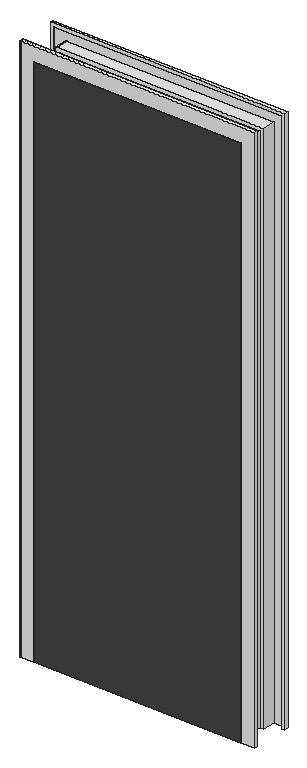
Revit family "Door-Single-Lead_Lined_RPP", category Doors, host Wall, Revit 2026
Family settings
  Host = Wall
  Classification Number = 23.75.70.17.17
  Always vertical = Yes
  Cut with Voids When Loaded = No
  Shared = No
  Room Calculation Point = No
Parameters (values of type "34" x 80"")
  Warranty Duration (Years) = 0
  URL = "http://www.radiationproducts.com"
  Test Data = "http://www.radiationproducts.com/submittals.htm"
  Specification = "http://www.arcat.com/sd/clients/radiatpr.html?coid=35056"
  SpecWizard = "http://www.arcat.com/specwizard/13090rpp/index.htm?mf=&coid=35056"
  Send Message = "http://www.arcat.com/users.pl?action=UserEmail&company=Radiation%20Protection%20Products,%20Inc.&coid=35056&rep=144&fax=866-554-8445&mf="
  Sales Information = "http://www.radiationproducts.com/rfq.htm"
  Revision = "R1_04-2010"
  Product Properties = "http://www.arcat.com/bim/bim_info.pl?fn=Door_RadiationProtectionProducts"
  Product Data = "http://www.arcat.com/arcatcos/cos35/arc35056.html"
  Panel Width = 0' - 6"
  Panel Height = 3' - 0"
  Model = "2'-10\" x 6'-8\""
  Manufacturer Website = "http://www.radiationproducts.com"
  Manufacturer Phone - Toll Free = "888-746-4777 "
  Manufacturer Fax = "866-554-8445"
  Manufacturer Address = "1000 Superior Blvd.; Suite 310; Wayzata, MN 55391"
  Manufacturer = "Radiation Protection Products, Inc."
  Maintenance Schedule (Months) = 0
  Keynote = "13 49 00"
  Installation Phase = ""
  Green Building-LEED = "http://www.arcat.com/green/clients/leed_data_35056.html"
  Glass Panel = Glass
  Glass Frame = Metal
  Height = 6' - 8"
  Wall Closure = By host
  Width = 2' - 10"
  Function = Interior
  Fire Rating = "As Specified in 13 49 00"
  Expected Lifespan (Years) = 0
  Drawn By = "Robert S. Weygant, CSI, CDT, SCIP"
  Door Panel = Wood
  Door Frame = Alluminium
  Door Closer = Alluminium
  Description = "Radiation Protection Products Single Door - 2-10 x 6-8"
  Copyright = "2010 ARCAT, Inc."
  Construction Details = "http://www.arcat.com/details/radiatpr/radiatpr.html?coid=35056"
  Assembly Code = "F1030200"
Types (4): name | Model | Height | Width | Description
  34" x 80" | "2'-10\" x 6'-8\"" | 6' - 8" | 2' - 10" | "Radiation Protection Products Single Door - 2-10 x 6-8"
  36" x 80" | "3'-0\" x 6'-8\"" | 6' - 8" | 3' - 0" | "Radiation Protection Products Single Door - 3-0 x 6-8"
  34" x 84" | "2'-10\" x 7'-0\"" | 7' - 0" | 2' - 10" | "Radiation Protection Products Single Door - 2-10 x 7-0"
  36" x 84" | "3'-0\" x 7'-0\"" | 7' - 0" | 3' - 0" | "Radiation Protection Products Single Door - 3-0 x 7-0"
Reference planes (in)
  plane 1 "Center (Front/Back)": y = 0
  plane 2 "Center (Left/Right)": x = 0
  plane 3 "Left": x = -17
  plane 4 "Right": x = 17
  plane 5 "Top": z = 80
  plane 6 "Exterior": y = 3
  plane 7 "Interior": y = -3
  plane 8: z = 78
  plane 9: y = -1.0625
  plane 10: y = 1.125
  plane 11: y = -3
  plane 12: y = 3
  plane 13: z = 77.4375
  plane 14: y = 2.5625
  plane 15: y = -2.5625
  plane 16: y = -1.25
  plane 17: x = 6
  plane 18: x = 12
  plane 19: z = 72
  plane 20: z = 36
  plane 21: z = 77
  plane 22: z = 75.5
  plane 23: x = -10
  plane 24: x = -11
  plane 25: y = -4.5
  plane 26: y = -3.25
  plane 27: z = 75
  plane 28: z = 54
Forms (in)
  Sweep 1, solid, material "Alluminium" <- "Door Frame"
    path origin (0, 0, 0) x (1, 0, 0) y (0, 0, 1)
      loop
        line (-17, 0) -> (-17, 80) -> (17, 80) -> (17, 0)
    profile origin (0, 0, 80) x (0, 0, 1) y (0, -1, 0)
      loop
        line (0, -3) -> (0, -2.5625) -> (-0.4375, -2.5625) -> (-0.4375, -2.61719) -> (-0.05469, -2.61719) -> (-0.05469, -2.94531) -> (-1.94531, -2.94531) -> (-1.94531, -1.07031) -> (-2.50781, -1.07031) -> (-2.50781, 1.00781) -> (-1.94531, 1.00781) -> (-1.94531, 2.94531) -> (-0.05469, 2.94531) -> (-0.05469, 2.625) -> (-0.4375, 2.625) -> (-0.4375, 2.5625) -> (0, 2.5625) -> (0, 3) -> (-2, 3) -> (-2, 1.0625) -> (-2.5625, 1.0625) -> (-2.5625, -1.125) -> (-2, -1.125) -> (-2, -3) -> (0, -3)
  Extrusion 2, solid, material "Wood" <- "Door Panel"
    sketch origin (0, 0, 0) x (-1, 0, 0) y (0, 0, -1)
      loop
        line (-15, -78) -> (15, -78) -> (15, 0) -> (-15, 0) -> (-15, -78)
    from 1.25 to 3
Lines and regions (in)
  Opening 1
    outline origin (-90, -3, 0) x (1, 0, 0) y (0, 0, 1)
      loop
        line (73, 0) -> (107, 0) -> (107, 80) -> (73, 80) -> (73, 0)
  symbolic lines, detail levels fine
    curve 1: line (-16.5625, 2.61719, 0) -> (-16.94531, 2.61719, 0)
    curve 2: line (-16.5625, 2.5625, 0) -> (-16.5625, 2.61719, 0)
    curve 3: line (-17, 2.5625, 0) -> (-16.5625, 2.5625, 0)
    curve 4: line (-17, 3, 0) -> (-17, 2.5625, 0)
    curve 6: line (-16.94531, 2.94531, 0) -> (-15.05469, 2.94531, 0)
    curve 7: line (-16.94531, 2.61719, 0) -> (-16.94531, 2.94531, 0)
    curve 9: line (-15.05469, 2.94531, 0) -> (-15.05469, 1.07031, 0)
    curve 11: line (-15.05469, 1.07031, 0) -> (-14.49219, 1.07031, 0)
    curve 13: line (-14.49219, 1.07031, 0) -> (-14.49219, -1.00781, 0)
    curve 14: line (-14.49219, -1.00781, 0) -> (-15.05469, -1.00781, 0)
    curve 17: line (-15.05469, -1.00781, 0) -> (-15.05469, -2.94531, 0)
    curve 18: line (-15.05469, -2.94531, 0) -> (-16.94531, -2.94531, 0)
    curve 20: line (-16.94531, -2.94531, 0) -> (-16.94531, -2.625, 0)
    curve 21: line (-17, -2.5625, 0) -> (-17, -3, 0)
    curve 22: line (-16.5625, -2.5625, 0) -> (-17, -2.5625, 0)
    curve 23: line (-16.5625, -2.625, 0) -> (-16.5625, -2.5625, 0)
    curve 24: line (-16.94531, -2.625, 0) -> (-16.5625, -2.625, 0)
    curve 25: line (16.5625, 2.625, 0) -> (16.94531, 2.625, 0)
    curve 26: line (16.5625, 2.5625, 0) -> (16.5625, 2.625, 0)
    curve 27: line (17, 2.5625, 0) -> (16.5625, 2.5625, 0)
    curve 28: line (17, 3, 0) -> (17, 2.5625, 0)
    curve 30: line (16.94531, 2.94531, 0) -> (15.05469, 2.94531, 0)
    curve 31: line (16.94531, 2.625, 0) -> (16.94531, 2.94531, 0)
    curve 33: line (15.05469, 2.94531, 0) -> (15.05469, 1.07031, 0)
    curve 35: line (15.05469, 1.07031, 0) -> (14.49219, 1.07031, 0)
    curve 37: line (14.49219, 1.07031, 0) -> (14.49219, -1.00781, 0)
    curve 38: line (14.49219, -1.00781, 0) -> (15.05469, -1.00781, 0)
    curve 41: line (15.05469, -1.00781, 0) -> (15.05469, -2.94531, 0)
    curve 42: line (15.05469, -2.94531, 0) -> (16.94531, -2.94531, 0)
    curve 44: line (16.94531, -2.94531, 0) -> (16.94531, -2.625, 0)
    curve 45: line (17, -2.5625, 0) -> (17, -3, 0)
    curve 46: line (16.5625, -2.5625, 0) -> (17, -2.5625, 0)
    curve 47: line (16.5625, -2.625, 0) -> (16.5625, -2.5625, 0)
    curve 48: line (16.94531, -2.625, 0) -> (16.5625, -2.625, 0)
    curve 52: line (15, -1.25, 0) -> (15, -3, 0)
    curve 56: line (0, -1.25, 36) -> (0, -1.25, 72)
    curve 59: line (0, -1.875, 71.5) -> (0, -1.25, 71.5)
    curve 60: line (0, -3, 71.5) -> (0, -2.375, 71.5)
    curve 61: line (0, -2.375, 36.5) -> (0, -3, 36.5)
    curve 62: line (0, -1.25, 36.5) -> (0, -1.875, 36.5)
    curve 63: line (0, -1.875, 71.75) -> (0, -2.375, 71.75)
    curve 64: line (0, -1.875, 36.25) -> (0, -1.875, 71.75)
    curve 65: line (0, -2.375, 36.25) -> (0, -1.875, 36.25)
    curve 66: line (0, -2.375, 71.75) -> (0, -2.375, 36.25)
  symbolic lines
    curve 5: line (-15, 3, 0) -> (-17, 3, 0)
    curve 8: line (-15, 1.125, 0) -> (-15, 3, 0)
    curve 10: line (-14.4375, 1.125, 0) -> (-15, 1.125, 0)
    curve 12: line (-14.4375, -1.0625, 0) -> (-14.4375, 1.125, 0)
    curve 15: line (-15, -1.0625, 0) -> (-14.4375, -1.0625, 0)
    curve 16: line (-15, -3, 0) -> (-15, -1.0625, 0)
    curve 19: line (-17, -3, 0) -> (-15, -3, 0)
    curve 29: line (15, 3, 0) -> (17, 3, 0)
    curve 32: line (15, 1.125, 0) -> (15, 3, 0)
    curve 34: line (14.4375, 1.125, 0) -> (15, 1.125, 0)
    curve 36: line (14.4375, -1.0625, 0) -> (14.4375, 1.125, 0)
    curve 39: line (15, -1.0625, 0) -> (14.4375, -1.0625, 0)
    curve 40: line (15, -3, 0) -> (15, -1.0625, 0)
    curve 43: line (17, -3, 0) -> (15, -3, 0)
    curve 49: line (15, -1.25, 0) -> (-15, -1.25, 0)
    curve 50: line (-15, -1.25, 0) -> (-15, -3, 0)
    curve 51: line (-15, -1.25, 0) -> (-15, -3, 0)
    curve 54: line (0, -3, 0) -> (0, 3, 0)
    curve 67: line (-15, -3, 0) -> (-15, -33, 0)
  symbolic lines, detail levels medium+fine
    curve 53: line (0, -1.25, 0) -> (0, -1.25, 36)
    curve 55: line (0, -1.25, 72) -> (0, -3, 72)
    curve 57: line (0, -3, 36) -> (0, -1.25, 36)
    curve 117: line (0, -1.25, 72) -> (0, -1.25, 78)
  symbolic lines, detail levels coarse+fine
    curve 58: line (0, -3, 72) -> (0, -3, 36)
  symbolic lines, style "Elevation Swing"
    curve 68: line (0, 3, 0) -> (17, 3, 54)
    curve 69: line (17, 3, 54) -> (0, 3, 78)
    curve 70: line (0, 3, 0) -> (-17, 3, 40)
    curve 71: line (-17, 3, 40) -> (0, 3, 78)
    curve 119: arc (15, -3, 0) -> (6.2132, -24.2132, 0) -> (-15, -33, 0) r 30
  symbolic lines, style "Doors", detail levels fine
    curve 72: line (0, 3, 80) -> (0, 2.5625, 80)
    curve 74: line (0, 2.5625, 80) -> (0, 2.5625, 79.5625)
    curve 75: line (0, 2.94531, 78.05469) -> (0, 1.07031, 78.05469)
    curve 76: line (0, 1.07031, 78.05469) -> (0, 1.07031, 77.49219)
    curve 79: line (0, 1.07031, 77.49219) -> (0, -1.00781, 77.49219)
    curve 82: line (0, 2.94531, 79.94531) -> (0, 2.94531, 78.05469)
    curve 83: line (0, 2.61719, 79.94531) -> (0, 2.61719, 79.5625)
    curve 84: line (0, 2.61719, 79.5625) -> (0, 2.5625, 79.5625)
    curve 85: line (0, 2.94531, 79.94531) -> (0, 2.61719, 79.94531)
    curve 86: line (0, -3, 80) -> (0, -2.5625, 80)
    curve 88: line (0, -2.5625, 80) -> (0, -2.5625, 79.5625)
    curve 89: line (0, -2.94531, 78.05469) -> (0, -1.00781, 78.05469)
    curve 90: line (0, -1.00781, 78.05469) -> (0, -1.00781, 77.49219)
    curve 93: line (0, -2.94531, 79.94531) -> (0, -2.94531, 78.05469)
    curve 94: line (0, -2.625, 79.94531) -> (0, -2.625, 79.5625)
    curve 95: line (0, -2.625, 79.5625) -> (0, -2.5625, 79.5625)
    curve 96: line (0, -2.94531, 79.94531) -> (0, -2.625, 79.94531)
    curve 97: line (0, -2.94531, 79.94531) -> (0, -2.94531, 78.05469)
    curve 98: line (0, -2.625, 79.94531) -> (0, -2.625, 79.5625)
    curve 99: line (0, -2.5625, 79.94531) -> (0, -2.5625, 79.5625)
    curve 102: line (0, 2.5625, 80) -> (0, 2.5625, 79.5625)
    curve 103: line (0, 2.61719, 79.94531) -> (0, 2.61719, 79.5625)
    curve 106: line (6.5, -1.25, 0) -> (6, -1.25, 0)
    curve 107: line (6, -3, 0) -> (6.5, -3, 0)
    curve 108: line (11.5, -3, 0) -> (12, -3, 0)
    curve 110: line (12, -1.25, 0) -> (11.5, -1.25, 0)
  symbolic lines, style "Doors"
    curve 73: line (0, 3, 78) -> (0, 3, 80)
    curve 77: line (0, 1.125, 78) -> (0, 1.125, 77.4375)
    curve 78: line (0, 1.125, 77.4375) -> (0, -1.0625, 77.4375)
    curve 80: line (0, 3, 78) -> (0, 1.125, 78)
    curve 81: line (0, -3, 80) -> (0, -3, 72)
    curve 87: line (0, -3, 78) -> (0, -3, 80)
    curve 91: line (0, -1.0625, 78) -> (0, -1.0625, 77.4375)
    curve 92: line (0, -3, 78) -> (0, -1.0625, 78)
    curve 100: line (0, -1.0625, 77.5) -> (0, -1.0625, 0)
    curve 101: line (0, 1.125, 77.5) -> (0, 1.125, 0)
    curve 104: line (0, 3, 79.94531) -> (0, 3, 0)
    curve 105: line (-15, -3, 0) -> (15, -3, 0)
    curve 118: line (0, -3, 36) -> (0, -3, 0)
  symbolic lines, style "Doors", detail levels medium+fine
    curve 109: line (12, -3, 0) -> (12, -1.25, 0)
  symbolic lines, style "Elevation Swing", detail levels medium+fine
    curve 111: line (0, -3, 72) -> (0, -3.0526, 71.88719)
    curve 113: line (0, -1.1974, 71.88719) -> (0, -1.25, 72)
    curve 115: line (0, -3.0526, 36.11281) -> (0, -3, 36)
    curve 116: line (0, -1.25, 36) -> (0, -1.1974, 36.11281)
  symbolic lines, style "DoorsPanelProjection", detail levels medium+fine
    curve 112: line (0, -3.0526, 71.88719) -> (0, -3.0526, 36.11281)
    curve 114: line (0, -1.1974, 36.11281) -> (0, -1.1974, 71.88719)
Text (in)
  text "Exterior" at (-74.96733, 27.31104, 0), in view "Ref. Level"
  text "Interior" at (-74.96733, -25.14366, 0), in view "Ref. Level"
  text "Exterior" at (0, 40.15149, 123.01588), in view "Right"
  text "Interior" at (0, -64.39139, 123.01588), in view "Right"
  text "Interior" at (0, -31.01599, 123.00693), in view "Left"
  text "Exterior" at (0, 54.57065, 123.00693), in view "Left"
Dimensions and locks (in)
  equal spacing: plane 3 "Left", plane 2 "Center (Left/Right)", plane 4 "Right"
  "Height": level to plane 5 "Top"
  "Width": plane 3 "Left" to plane 4 "Right"
  equal spacing: host wall, curve 71, plane 5 "Top"
  plane 13 to plane 8 to plane 5 "Top" = 0' - 0 9/16" locked, 0' - 2" locked
  plane 10 to plane 9 to plane 11 = 0' - 2 3/16" locked, 0' - 1 15/16" locked
  locked: plane 12 to plane 14 at 0.4375
  locked: plane 15 to plane 11 at 0.4375
  locked: plane 16 to plane 11 at 1.75
  "Panel Width": plane 17 to plane 18
  locked: plane 19 to plane 8 at 6
  "Panel Height": plane 20 to plane 19
  locked: plane 2 "Center (Left/Right)" to plane 17 at 6
  plane 8 to plane 21 to plane 22 = 0' - 1" locked, 0' - 1 1/2" locked
  locked: plane 25 to plane 11 at 1.5
  plane 2 "Center (Left/Right)" to plane 23 to plane 24 = 0' - 10" locked, 0' - 1" locked
  locked: plane 26 to plane 11 at 0.25
  locked: plane 21 to plane 27 at 2
  aligned and locked: plane 3 "Left" to Opening 1 sketch curve
  aligned and locked: plane 5 "Top" to Opening 1 sketch curve  (x2)
  aligned and locked: Opening 1 sketch curve to plane 4 "Right"
  aligned and locked: Opening 1 sketch curve to level
  aligned and locked: plane 6 "Exterior" to host wall
  aligned and locked: plane 7 "Interior" to host wall
  aligned and locked: Sweep 1 sketch curve to host wall  (x3)
  aligned and locked: plane 7 "Interior" to plane 11
  aligned and locked: plane 6 "Exterior" to plane 12
  aligned and locked: Sweep 1 sketch curve to plane 12
  aligned and locked: plane 8 to Sweep 1 sketch curve  (x2)
  aligned and locked: Sweep 1 sketch curve to plane 10
  aligned and locked: plane 13 to Sweep 1 sketch curve
  aligned and locked: plane 9 to Sweep 1 sketch curve
  aligned and locked: profile plane to Sweep 1 sketch curve
  aligned and locked: plane 11 to Sweep 1 sketch curve
  aligned and locked: Extrusion 2 sketch curve to plane 8
  aligned and locked: Extrusion 2 sketch curve to Sweep 1  (x2)
  aligned and locked: Extrusion 2 sketch curve to level
  aligned and locked: Extrusion 2 to plane 16
  aligned and locked: plane 11 to Extrusion 2
  aligned and locked: Sweep 1 to curve 1
  aligned and locked: curve 2 to Sweep 1
  aligned and locked: curve 3 to Sweep 1
  aligned and locked: curve 4 to Sweep 1
  aligned and locked: Sweep 1 to curve 5
  aligned and locked: curve 6 to Sweep 1
  aligned and locked: curve 7 to Sweep 1
  aligned and locked: curve 8 to Sweep 1
  aligned and locked: curve 9 to Sweep 1
  aligned and locked: Sweep 1 to curve 10
  aligned and locked: curve 11 to Sweep 1
  aligned and locked: curve 12 to Sweep 1
  aligned and locked: curve 13 to Sweep 1
  aligned and locked: Sweep 1 to curve 14
  aligned and locked: curve 15 to Sweep 1
  aligned and locked: curve 16 to Sweep 1
  aligned and locked: curve 17 to Sweep 1
  aligned and locked: Sweep 1 to curve 18
  aligned and locked: curve 19 to Sweep 1
  aligned and locked: curve 20 to Sweep 1
  aligned and locked: curve 21 to Sweep 1
  aligned and locked: Sweep 1 to curve 22
  aligned and locked: curve 23 to Sweep 1
  aligned and locked: curve 24 to Sweep 1
  aligned and locked: curve 29 to plane 12
  aligned and locked: curve 43 to plane 11
  aligned and locked: plane 14 to curve 27
  aligned and locked: curve 51 to Sweep 1
  aligned and locked: Sweep 1 to curve 52
  aligned and locked: curve 40 to Sweep 1
  aligned and locked: curve 53 to curve 55
  aligned and locked: curve 72 to Sweep 1
  aligned and locked: Sweep 1 to curve 73
  aligned and locked: curve 74 to Sweep 1
  aligned and locked: Sweep 1 to curve 75
  aligned and locked: curve 76 to Sweep 1
  aligned and locked: curve 77 to plane 10
  aligned and locked: plane 13 to curve 78
  aligned and locked: curve 79 to Sweep 1
  aligned and locked: plane 8 to curve 80
  aligned and locked: curve 81 to Sweep 1
  aligned and locked: curve 90 to Sweep 1
  aligned and locked: curve 91 to Sweep 1
  aligned and locked: curve 94 to Sweep 1
  aligned and locked: curve 83 to Sweep 1
Automatic sketch dimensions
  Sweep 1 sketch curve to level = 0' - 0"  (x2)
  curve 88 to plane 15 = 0' - 0"
  curve 62 to plane 16 = 0' - 0"
  curve 100 to level = 0' - 0"
  curve 100 to plane 9 = 0' - 0"
  curve 101 to plane 10 = 0' - 0"
  curve 54 to host wall = 0' - 0"
  curve 91 to plane 8 = 0' - 0"
  curve 88 to plane 5 "Top" = 0' - 0"
  curve 97 to host wall = 0' - 0 7/128"
  curve 75 to host wall = 0' - 0 7/128"
  curve 76 to curve 101 = 0' - 0 1/128"
  curve 79 to curve 100 = 0' - 0 1/128"
  plane 8 to curve 90 = 0' - 0 7/128"
  plane 5 "Top" to curve 95 = 0' - 0 7/16"
  plane 5 "Top" to curve 84 = 0' - 0 7/16"
  plane 5 "Top" to curve 104 = 0' - 0 7/128"
  plane 5 "Top" to curve 94 = 0' - 0 7/128"
  plane 5 "Top" to curve 103 = 0' - 0 7/128"
  plane 5 "Top" to curve 99 = 0' - 0 7/128"
  Sweep 1 sketch curve to profile plane = 0' - 0"
  Sweep 1 sketch curve to Sweep 1 sketch curve = 0' - 0 7/128"  (x8)
  Sweep 1 sketch curve to Sweep 1 sketch curve = 0' - 0 7/16"  (x2)
  profile plane to Sweep 1 sketch curve = 0' - 0 7/16"
  profile plane to Sweep 1 sketch curve = 0' - 0 7/128"  (x2)
  Sweep 1 sketch curve to Sweep 1 sketch curve = 0' - 0 21/64"
  Sweep 1 sketch curve to Sweep 1 sketch curve = 0' - 0 1/16"
  curve 68 to plane 4 "Right" = 0' - 0"
  curve 70 to level = 0' - 0"
  curve 70 to plane 2 "Center (Left/Right)" = 0' - 0"
  curve 71 to plane 3 "Left" = 0' - 0"
  curve 69 to plane 28 = 0' - 0"
  curve 71 to plane 8 = 0' - 0"
  curve 111 to plane 19 = 0' - 0"
  curve 113 to plane 19 = 0' - 0"
  curve 115 to plane 20 = 0' - 0"
  curve 116 to plane 20 = 0' - 0"
  curve 69 to plane 2 "Center (Left/Right)" = 0' - 0"
  curve 53 to plane 20 = 0' - 0"
  curve 55 to plane 19 = 0' - 0"
  curve 61 to plane 15 = 0' - 0 3/16"
  curve 63 to curve 63 = 0' - 0 1/2"
  plane 20 to curve 65 = 0' - 0 1/4"
  plane 20 to curve 61 = 0' - 0 1/2"
  curve 64 to curve 62 = 0' - 0 1/4"
  curve 60 to plane 19 = 0' - 0 1/2"
  curve 59 to curve 55 = 0' - 0 1/2"
  curve 66 to plane 19 = 0' - 0 1/4"
  curve 115 to host wall = 0' - 0"
  curve 111 to host wall = 0' - 0"
  curve 113 to plane 16 = 0' - 0"
  curve 116 to plane 16 = 0' - 0"
  host wall to curve 115 = 0' - 0.0526"
  curve 113 to plane 16 = 0' - 0.0526"
  plane 20 to curve 114 = 0' - 0.11281"
  plane 20 to curve 112 = 0' - 0.11281"
  curve 114 to plane 19 = 0' - 0.11281"
  curve 112 to plane 19 = 0' - 0.11281"
  curve 107 to host wall = 0' - 0"
  curve 110 to plane 16 = 0' - 0"
  curve 108 to host wall = 0' - 0"
  curve 109 to plane 18 = 0' - 0"
  curve 34 to plane 10 = 0' - 0"
  curve 39 to plane 9 = 0' - 0"
  curve 47 to plane 15 = 0' - 0"
  curve 45 to plane 4 "Right" = 0' - 0"
  curve 29 to plane 4 "Right" = 0' - 0"
  curve 49 to plane 16 = 0' - 0"
  curve 107 to plane 17 = 0' - 0 1/2"
  curve 34 to curve 39 = 0' - 0 9/16"
  curve 34 to curve 35 = 0' - 0 7/128"
  curve 35 to curve 34 = 0' - 0 65/128"
  curve 39 to curve 38 = 0' - 0 7/128"
  curve 29 to curve 33 = 0' - 0 7/128"
  plane 14 to curve 26 = 0' - 0 1/16"
  plane 4 "Right" to curve 26 = 0' - 0 7/16"
  plane 15 to curve 48 = 0' - 0 1/16"
  plane 4 "Right" to curve 48 = 0' - 0 7/16"
  plane 4 "Right" to curve 48 = 0' - 0 7/128"
  plane 4 "Right" to curve 30 = 0' - 0 7/128"
  curve 42 to host wall = 0' - 0 7/128"
  curve 38 to plane 9 = 0' - 0 7/128"
  curve 35 to plane 10 = 0' - 0 7/128"
  curve 33 to host wall = 0' - 0 7/128"
  curve 110 to curve 109 = 0' - 0 1/2"
  curve 108 to curve 108 = 0' - 0 1/2"
  curve 106 to plane 17 = 0' - 0 1/2"
  curve 107 to plane 17 = 0' - 0"
  curve 106 to plane 16 = 0' - 0"
  curve 106 to plane 17 = 0' - 0"
